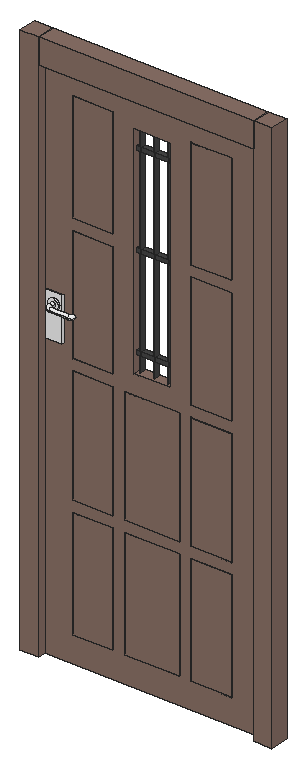
Revit family "DTI_A3-BSQTZMSOHS", category Doors, host Wall, Revit 2016 (continued)
Lines and regions (mm)
  model lines, style "Embossed carving"
    curve 414: arc (243.926, 35, 484.936) -> (248.23, 35, 476.02) -> (250.664, 35, 466.423) r 49.267
    curve 415: arc (250.664, 35, 466.423) -> (248.905, 35, 456.202) -> (241.415, 35, 449.028) r 16.574
    curve 416: arc (241.415, 35, 449.028) -> (248.905, 35, 441.853) -> (250.664, 35, 431.632) r 16.574
    curve 417: arc (250.664, 35, 431.632) -> (248.23, 35, 422.035) -> (243.926, 35, 413.119) r 49.267
    curve 418: arc (243.926, 35, 413.119) -> (246.972, 35, 412.324) -> (248.48, 35, 409.561) r 3.966
    curve 419: arc (248.48, 35, 409.561) -> (246.158, 35, 407.305) -> (243.076, 35, 406.314) r 7.098
    curve 420: arc (243.076, 35, 406.314) -> (245.379, 35, 404.531) -> (247.162, 35, 402.227) r 11.531
    curve 421: arc (247.162, 35, 402.227) -> (240.332, 35, 404.413) -> (233.503, 35, 402.227) r 11.764
    curve 422: arc (233.503, 35, 402.227) -> (230.981, 35, 405.348) -> (227.19, 35, 404.038) r 3.491
    curve 423: arc (227.19, 35, 404.038) -> (227.874, 35, 402.733) -> (227.934, 35, 401.26) r 3.36
    curve 424: arc (227.934, 35, 401.26) -> (225.529, 35, 400.959) -> (224.066, 35, 399.028) r 3.118
    curve 425: arc (224.066, 35, 399.028) -> (223.704, 35, 400.121) -> (223.027, 35, 401.053) r 3.748
    curve 426: arc (223.027, 35, 497.002) -> (222.349, 35, 497.934) -> (221.987, 35, 499.028) r 3.748
    curve 427: arc (221.987, 35, 499.028) -> (220.524, 35, 497.096) -> (218.12, 35, 496.795) r 3.118
    curve 428: arc (218.12, 35, 496.795) -> (218.18, 35, 495.323) -> (218.864, 35, 494.018) r 3.36
    curve 429: arc (218.864, 35, 494.018) -> (215.072, 35, 492.707) -> (212.551, 35, 495.828) r 3.491
    curve 430: arc (212.551, 35, 495.828) -> (205.721, 35, 493.642) -> (198.891, 35, 495.828) r 11.764
    curve 431: arc (198.891, 35, 495.828) -> (200.674, 35, 493.524) -> (202.978, 35, 491.741) r 11.531
    curve 432: arc (202.978, 35, 491.741) -> (199.895, 35, 490.751) -> (197.574, 35, 488.494) r 7.098
    curve 433: arc (197.574, 35, 488.494) -> (199.082, 35, 485.731) -> (202.128, 35, 484.936) r 3.966
    curve 434: arc (202.128, 35, 484.936) -> (197.824, 35, 476.02) -> (195.389, 35, 466.423) r 49.267
    curve 435: arc (195.389, 35, 466.423) -> (197.149, 35, 456.202) -> (204.639, 35, 449.028) r 16.574
    curve 436: arc (204.639, 35, 449.028) -> (197.149, 35, 441.853) -> (195.389, 35, 431.632) r 16.574
    curve 437: arc (195.389, 35, 431.632) -> (197.824, 35, 422.035) -> (202.128, 35, 413.119) r 49.267
    curve 438: arc (202.128, 35, 413.119) -> (199.082, 35, 412.324) -> (197.574, 35, 409.561) r 3.966
    curve 439: arc (197.574, 35, 409.561) -> (199.895, 35, 407.305) -> (202.978, 35, 406.314) r 7.098
    curve 440: arc (202.978, 35, 406.314) -> (200.674, 35, 404.531) -> (198.891, 35, 402.227) r 11.531
    curve 441: arc (198.891, 35, 402.227) -> (205.721, 35, 404.413) -> (212.551, 35, 402.227) r 11.764
    curve 442: arc (212.551, 35, 402.227) -> (215.072, 35, 405.348) -> (218.864, 35, 404.038) r 3.491
    curve 443: arc (218.864, 35, 404.038) -> (218.18, 35, 402.733) -> (218.12, 35, 401.26) r 3.36
    curve 444: arc (218.12, 35, 401.26) -> (220.524, 35, 400.959) -> (221.987, 35, 399.028) r 3.118
    curve 445: arc (221.987, 35, 399.028) -> (222.349, 35, 400.121) -> (223.027, 35, 401.053) r 3.748
    curve 446: arc (223.027, 35, 357.002) -> (223.704, 35, 357.934) -> (224.066, 35, 359.028) r 3.748
    curve 447: arc (224.066, 35, 359.028) -> (225.529, 35, 357.096) -> (227.934, 35, 356.795) r 3.118
    curve 448: arc (227.934, 35, 356.795) -> (227.874, 35, 355.323) -> (227.19, 35, 354.018) r 3.36
    curve 449: arc (227.19, 35, 354.018) -> (230.981, 35, 352.707) -> (233.503, 35, 355.828) r 3.491
    curve 450: arc (233.503, 35, 355.828) -> (240.332, 35, 353.642) -> (247.162, 35, 355.828) r 11.764
    curve 451: arc (247.162, 35, 355.828) -> (245.379, 35, 353.524) -> (243.076, 35, 351.741) r 11.531
    curve 452: arc (243.076, 35, 351.741) -> (246.158, 35, 350.751) -> (248.48, 35, 348.494) r 7.098
    curve 453: arc (248.48, 35, 348.494) -> (246.972, 35, 345.731) -> (243.926, 35, 344.936) r 3.966
    curve 454: arc (243.926, 35, 344.936) -> (248.23, 35, 336.02) -> (250.664, 35, 326.423) r 49.267
    curve 455: arc (250.664, 35, 326.423) -> (248.905, 35, 316.202) -> (241.415, 35, 309.028) r 16.574
    curve 456: arc (241.415, 35, 309.028) -> (248.905, 35, 301.853) -> (250.664, 35, 291.632) r 16.574
    curve 457: arc (250.664, 35, 291.632) -> (248.23, 35, 282.035) -> (243.926, 35, 273.119) r 49.267
    curve 458: arc (243.926, 35, 273.119) -> (246.972, 35, 272.324) -> (248.48, 35, 269.561) r 3.966
    curve 459: arc (248.48, 35, 269.561) -> (246.158, 35, 267.305) -> (243.076, 35, 266.314) r 7.098
    curve 460: arc (243.076, 35, 266.314) -> (245.379, 35, 264.531) -> (247.162, 35, 262.227) r 11.531
    curve 461: arc (247.162, 35, 262.227) -> (240.332, 35, 264.413) -> (233.503, 35, 262.227) r 11.764
    curve 462: arc (233.503, 35, 262.227) -> (230.981, 35, 265.348) -> (227.19, 35, 264.038) r 3.491
    curve 463: arc (227.19, 35, 264.038) -> (227.874, 35, 262.733) -> (227.934, 35, 261.26) r 3.36
    curve 464: arc (227.934, 35, 261.26) -> (225.529, 35, 260.959) -> (224.066, 35, 259.028) r 3.118
    curve 465: arc (224.066, 35, 259.028) -> (223.704, 35, 260.121) -> (223.027, 35, 261.053) r 3.748
    curve 466: arc (223.027, 35, 357.002) -> (222.349, 35, 357.934) -> (221.987, 35, 359.028) r 3.748
    curve 467: arc (221.987, 35, 359.028) -> (220.524, 35, 357.096) -> (218.12, 35, 356.795) r 3.118
    curve 468: arc (218.12, 35, 356.795) -> (218.18, 35, 355.323) -> (218.864, 35, 354.018) r 3.36
    curve 469: arc (218.864, 35, 354.018) -> (215.072, 35, 352.707) -> (212.551, 35, 355.828) r 3.491
    curve 470: arc (212.551, 35, 355.828) -> (205.721, 35, 353.642) -> (198.891, 35, 355.828) r 11.764
    curve 471: arc (198.891, 35, 355.828) -> (200.674, 35, 353.524) -> (202.978, 35, 351.741) r 11.531
    curve 472: arc (202.978, 35, 351.741) -> (199.895, 35, 350.751) -> (197.574, 35, 348.494) r 7.098
    curve 473: arc (197.574, 35, 348.494) -> (199.082, 35, 345.731) -> (202.128, 35, 344.936) r 3.966
    curve 474: arc (202.128, 35, 344.936) -> (197.824, 35, 336.02) -> (195.389, 35, 326.423) r 49.267
    curve 475: arc (195.389, 35, 326.423) -> (197.149, 35, 316.202) -> (204.639, 35, 309.028) r 16.574
    curve 476: arc (204.639, 35, 309.028) -> (197.149, 35, 301.853) -> (195.389, 35, 291.632) r 16.574
    curve 477: arc (195.389, 35, 291.632) -> (197.824, 35, 282.035) -> (202.128, 35, 273.119) r 49.267
    curve 478: arc (202.128, 35, 273.119) -> (199.082, 35, 272.324) -> (197.574, 35, 269.561) r 3.966
    curve 479: arc (197.574, 35, 269.561) -> (199.895, 35, 267.305) -> (202.978, 35, 266.314) r 7.098
    curve 480: arc (202.978, 35, 266.314) -> (200.674, 35, 264.531) -> (198.891, 35, 262.227) r 11.531
    curve 481: arc (198.891, 35, 262.227) -> (205.721, 35, 264.413) -> (212.551, 35, 262.227) r 11.764
    curve 482: arc (212.551, 35, 262.227) -> (215.072, 35, 265.348) -> (218.864, 35, 264.038) r 3.491
    curve 483: arc (218.864, 35, 264.038) -> (218.18, 35, 262.733) -> (218.12, 35, 261.26) r 3.36
    curve 484: arc (218.12, 35, 261.26) -> (220.524, 35, 260.959) -> (221.987, 35, 259.028) r 3.118
    curve 485: arc (221.987, 35, 259.028) -> (222.349, 35, 260.121) -> (223.027, 35, 261.053) r 3.748
    curve 486: arc (223.027, 35, 212.002) -> (223.704, 35, 212.934) -> (224.066, 35, 214.028) r 3.748
    curve 487: arc (224.066, 35, 214.028) -> (225.529, 35, 212.096) -> (227.934, 35, 211.795) r 3.118
    curve 488: arc (227.934, 35, 211.795) -> (227.874, 35, 210.323) -> (227.19, 35, 209.018) r 3.36
    curve 489: arc (227.19, 35, 209.018) -> (230.981, 35, 207.707) -> (233.503, 35, 210.828) r 3.491
    curve 490: arc (233.503, 35, 210.828) -> (240.332, 35, 208.642) -> (247.162, 35, 210.828) r 11.764
    curve 491: arc (247.162, 35, 210.828) -> (245.379, 35, 208.524) -> (243.076, 35, 206.741) r 11.531
    curve 492: arc (243.076, 35, 206.741) -> (246.158, 35, 205.751) -> (248.48, 35, 203.494) r 7.098
    curve 493: arc (248.48, 35, 203.494) -> (246.972, 35, 200.731) -> (243.926, 35, 199.936) r 3.966
    curve 494: arc (243.926, 35, 199.936) -> (248.23, 35, 191.02) -> (250.664, 35, 181.423) r 49.267
    curve 495: arc (250.664, 35, 181.423) -> (248.905, 35, 171.202) -> (241.415, 35, 164.028) r 16.574
    curve 496: arc (241.415, 35, 164.028) -> (248.905, 35, 156.853) -> (250.664, 35, 146.632) r 16.574
    curve 497: arc (250.664, 35, 146.632) -> (248.23, 35, 137.035) -> (243.926, 35, 128.119) r 49.267
    curve 498: arc (243.926, 35, 128.119) -> (246.972, 35, 127.324) -> (248.48, 35, 124.561) r 3.966
    curve 499: arc (248.48, 35, 124.561) -> (246.158, 35, 122.305) -> (243.076, 35, 121.314) r 7.098
    curve 500: arc (243.076, 35, 121.314) -> (245.379, 35, 119.531) -> (247.162, 35, 117.227) r 11.531
    curve 501: arc (247.162, 35, 117.227) -> (240.332, 35, 119.413) -> (233.503, 35, 117.227) r 11.764
    curve 502: arc (233.503, 35, 117.227) -> (230.981, 35, 120.348) -> (227.19, 35, 119.038) r 3.491
    curve 503: arc (227.19, 35, 119.038) -> (227.874, 35, 117.733) -> (227.934, 35, 116.26) r 3.36
    curve 504: arc (227.934, 35, 116.26) -> (225.529, 35, 115.959) -> (224.066, 35, 114.028) r 3.118
    curve 505: arc (224.066, 35, 114.028) -> (223.704, 35, 115.121) -> (223.027, 35, 116.053) r 3.748
    curve 506: arc (223.027, 35, 212.002) -> (222.349, 35, 212.934) -> (221.987, 35, 214.028) r 3.748
    curve 507: arc (221.987, 35, 214.028) -> (220.524, 35, 212.096) -> (218.12, 35, 211.795) r 3.118
    curve 508: arc (218.12, 35, 211.795) -> (218.18, 35, 210.323) -> (218.864, 35, 209.018) r 3.36
    curve 509: arc (218.864, 35, 209.018) -> (215.072, 35, 207.707) -> (212.551, 35, 210.828) r 3.491
    curve 510: arc (212.551, 35, 210.828) -> (205.721, 35, 208.642) -> (198.891, 35, 210.828) r 11.764
    curve 511: arc (198.891, 35, 210.828) -> (200.674, 35, 208.524) -> (202.978, 35, 206.741) r 11.531
    curve 512: arc (202.978, 35, 206.741) -> (199.895, 35, 205.751) -> (197.574, 35, 203.494) r 7.098
    curve 513: arc (197.574, 35, 203.494) -> (199.082, 35, 200.731) -> (202.128, 35, 199.936) r 3.966
    curve 514: arc (202.128, 35, 199.936) -> (197.824, 35, 191.02) -> (195.389, 35, 181.423) r 49.267
    curve 515: arc (195.389, 35, 181.423) -> (197.149, 35, 171.202) -> (204.639, 35, 164.028) r 16.574
    curve 516: arc (204.639, 35, 164.028) -> (197.149, 35, 156.853) -> (195.389, 35, 146.632) r 16.574
    curve 517: arc (195.389, 35, 146.632) -> (197.824, 35, 137.035) -> (202.128, 35, 128.119) r 49.267
    curve 518: arc (202.128, 35, 128.119) -> (199.082, 35, 127.324) -> (197.574, 35, 124.561) r 3.966
    curve 519: arc (197.574, 35, 124.561) -> (199.895, 35, 122.305) -> (202.978, 35, 121.314) r 7.098
    curve 520: arc (202.978, 35, 121.314) -> (200.674, 35, 119.531) -> (198.891, 35, 117.227) r 11.531
    curve 521: arc (198.891, 35, 117.227) -> (205.721, 35, 119.413) -> (212.551, 35, 117.227) r 11.764
    curve 522: arc (212.551, 35, 117.227) -> (215.072, 35, 120.348) -> (218.864, 35, 119.038) r 3.491
    curve 523: arc (218.864, 35, 119.038) -> (218.18, 35, 117.733) -> (218.12, 35, 116.26) r 3.36
    curve 524: arc (218.12, 35, 116.26) -> (220.524, 35, 115.959) -> (221.987, 35, 114.028) r 3.118
    curve 525: arc (221.987, 35, 114.028) -> (222.349, 35, 115.121) -> (223.027, 35, 116.053) r 3.748
    curve 526: arc (-226.973, 35, 497.002) -> (-226.296, 35, 497.934) -> (-225.934, 35, 499.028) r 3.748
    curve 527: arc (-225.934, 35, 499.028) -> (-224.471, 35, 497.096) -> (-222.066, 35, 496.795) r 3.118
    curve 528: arc (-222.066, 35, 496.795) -> (-222.126, 35, 495.323) -> (-222.81, 35, 494.018) r 3.36
    curve 529: arc (-222.81, 35, 494.018) -> (-219.019, 35, 492.707) -> (-216.497, 35, 495.828) r 3.491
    curve 530: arc (-216.497, 35, 495.828) -> (-209.668, 35, 493.642) -> (-202.838, 35, 495.828) r 11.764
    curve 531: arc (-202.838, 35, 495.828) -> (-204.621, 35, 493.524) -> (-206.924, 35, 491.741) r 11.531
    curve 532: arc (-206.924, 35, 491.741) -> (-203.842, 35, 490.751) -> (-201.52, 35, 488.494) r 7.098
    curve 533: arc (-201.52, 35, 488.494) -> (-203.028, 35, 485.731) -> (-206.074, 35, 484.936) r 3.966
    curve 534: arc (-206.074, 35, 484.936) -> (-201.77, 35, 476.02) -> (-199.336, 35, 466.423) r 49.267
    curve 535: arc (-199.336, 35, 466.423) -> (-201.095, 35, 456.202) -> (-208.585, 35, 449.028) r 16.574
    curve 536: arc (-208.585, 35, 449.028) -> (-201.095, 35, 441.853) -> (-199.336, 35, 431.632) r 16.574
    curve 537: arc (-199.336, 35, 431.632) -> (-201.77, 35, 422.035) -> (-206.074, 35, 413.119) r 49.267
    curve 538: arc (-206.074, 35, 413.119) -> (-203.028, 35, 412.324) -> (-201.52, 35, 409.561) r 3.966
    curve 539: arc (-201.52, 35, 409.561) -> (-203.842, 35, 407.305) -> (-206.924, 35, 406.314) r 7.098
    curve 540: arc (-206.924, 35, 406.314) -> (-204.621, 35, 404.531) -> (-202.838, 35, 402.227) r 11.531
    curve 541: arc (-202.838, 35, 402.227) -> (-209.668, 35, 404.413) -> (-216.497, 35, 402.227) r 11.764
    curve 542: arc (-216.497, 35, 402.227) -> (-219.019, 35, 405.348) -> (-222.81, 35, 404.038) r 3.491
    curve 543: arc (-222.81, 35, 404.038) -> (-222.126, 35, 402.733) -> (-222.066, 35, 401.26) r 3.36
    curve 544: arc (-222.066, 35, 401.26) -> (-224.471, 35, 400.959) -> (-225.934, 35, 399.028) r 3.118
    curve 545: arc (-225.934, 35, 399.028) -> (-226.296, 35, 400.121) -> (-226.973, 35, 401.053) r 3.748
    curve 546: arc (-226.973, 35, 497.002) -> (-227.651, 35, 497.934) -> (-228.013, 35, 499.028) r 3.748
    curve 547: arc (-228.013, 35, 499.028) -> (-229.476, 35, 497.096) -> (-231.88, 35, 496.795) r 3.118
    curve 548: arc (-231.88, 35, 496.795) -> (-231.82, 35, 495.323) -> (-231.136, 35, 494.018) r 3.36
    curve 549: arc (-231.136, 35, 494.018) -> (-234.928, 35, 492.707) -> (-237.449, 35, 495.828) r 3.491
    curve 550: arc (-237.449, 35, 495.828) -> (-244.279, 35, 493.642) -> (-251.109, 35, 495.828) r 11.764
    curve 551: arc (-251.109, 35, 495.828) -> (-249.326, 35, 493.524) -> (-247.022, 35, 491.741) r 11.531
    curve 552: arc (-247.022, 35, 491.741) -> (-250.105, 35, 490.751) -> (-252.426, 35, 488.494) r 7.098
    curve 553: arc (-252.426, 35, 488.494) -> (-250.918, 35, 485.731) -> (-247.872, 35, 484.936) r 3.966
    curve 554: arc (-247.872, 35, 484.936) -> (-252.176, 35, 476.02) -> (-254.611, 35, 466.423) r 49.267
    curve 555: arc (-254.611, 35, 466.423) -> (-252.851, 35, 456.202) -> (-245.361, 35, 449.028) r 16.574
    curve 556: arc (-245.361, 35, 449.028) -> (-252.851, 35, 441.853) -> (-254.611, 35, 431.632) r 16.574
    curve 557: arc (-254.611, 35, 431.632) -> (-252.176, 35, 422.035) -> (-247.872, 35, 413.119) r 49.267
    curve 558: arc (-247.872, 35, 413.119) -> (-250.918, 35, 412.324) -> (-252.426, 35, 409.561) r 3.966
    curve 559: arc (-252.426, 35, 409.561) -> (-250.105, 35, 407.305) -> (-247.022, 35, 406.314) r 7.098
    curve 560: arc (-247.022, 35, 406.314) -> (-249.326, 35, 404.531) -> (-251.109, 35, 402.227) r 11.531
    curve 561: arc (-251.109, 35, 402.227) -> (-244.279, 35, 404.413) -> (-237.449, 35, 402.227) r 11.764
    curve 562: arc (-237.449, 35, 402.227) -> (-234.928, 35, 405.348) -> (-231.136, 35, 404.038) r 3.491
    curve 563: arc (-231.136, 35, 404.038) -> (-231.82, 35, 402.733) -> (-231.88, 35, 401.26) r 3.36
    curve 564: arc (-231.88, 35, 401.26) -> (-229.476, 35, 400.959) -> (-228.013, 35, 399.028) r 3.118
    curve 565: arc (-228.013, 35, 399.028) -> (-227.651, 35, 400.121) -> (-226.973, 35, 401.053) r 3.748
    curve 566: arc (-226.973, 35, 357.002) -> (-226.296, 35, 357.934) -> (-225.934, 35, 359.028) r 3.748
    curve 567: arc (-225.934, 35, 359.028) -> (-224.471, 35, 357.096) -> (-222.066, 35, 356.795) r 3.118
    curve 568: arc (-222.066, 35, 356.795) -> (-222.126, 35, 355.323) -> (-222.81, 35, 354.018) r 3.36
    curve 569: arc (-222.81, 35, 354.018) -> (-219.019, 35, 352.707) -> (-216.497, 35, 355.828) r 3.491
    curve 570: arc (-216.497, 35, 355.828) -> (-209.668, 35, 353.642) -> (-202.838, 35, 355.828) r 11.764
    curve 571: arc (-202.838, 35, 355.828) -> (-204.621, 35, 353.524) -> (-206.924, 35, 351.741) r 11.531
    curve 572: arc (-206.924, 35, 351.741) -> (-203.842, 35, 350.751) -> (-201.52, 35, 348.494) r 7.098
    curve 573: arc (-201.52, 35, 348.494) -> (-203.028, 35, 345.731) -> (-206.074, 35, 344.936) r 3.966
    curve 574: arc (-206.074, 35, 344.936) -> (-201.77, 35, 336.02) -> (-199.336, 35, 326.423) r 49.267
    curve 575: arc (-199.336, 35, 326.423) -> (-201.095, 35, 316.202) -> (-208.585, 35, 309.028) r 16.574
    curve 576: arc (-208.585, 35, 309.028) -> (-201.095, 35, 301.853) -> (-199.336, 35, 291.632) r 16.574
    curve 577: arc (-199.336, 35, 291.632) -> (-201.77, 35, 282.035) -> (-206.074, 35, 273.119) r 49.267
    curve 578: arc (-206.074, 35, 273.119) -> (-203.028, 35, 272.324) -> (-201.52, 35, 269.561) r 3.966
    curve 579: arc (-201.52, 35, 269.561) -> (-203.842, 35, 267.305) -> (-206.924, 35, 266.314) r 7.098
    curve 580: arc (-206.924, 35, 266.314) -> (-204.621, 35, 264.531) -> (-202.838, 35, 262.227) r 11.531
    curve 581: arc (-202.838, 35, 262.227) -> (-209.668, 35, 264.413) -> (-216.497, 35, 262.227) r 11.764
    curve 582: arc (-216.497, 35, 262.227) -> (-219.019, 35, 265.348) -> (-222.81, 35, 264.038) r 3.491
    curve 583: arc (-222.81, 35, 264.038) -> (-222.126, 35, 262.733) -> (-222.066, 35, 261.26) r 3.36
    curve 584: arc (-222.066, 35, 261.26) -> (-224.471, 35, 260.959) -> (-225.934, 35, 259.028) r 3.118
    curve 585: arc (-225.934, 35, 259.028) -> (-226.296, 35, 260.121) -> (-226.973, 35, 261.053) r 3.748
    curve 586: arc (-226.973, 35, 357.002) -> (-227.651, 35, 357.934) -> (-228.013, 35, 359.028) r 3.748
    curve 587: arc (-228.013, 35, 359.028) -> (-229.476, 35, 357.096) -> (-231.88, 35, 356.795) r 3.118
    curve 588: arc (-231.88, 35, 356.795) -> (-231.82, 35, 355.323) -> (-231.136, 35, 354.018) r 3.36
    curve 589: arc (-231.136, 35, 354.018) -> (-234.928, 35, 352.707) -> (-237.449, 35, 355.828) r 3.491
    curve 590: arc (-237.449, 35, 355.828) -> (-244.279, 35, 353.642) -> (-251.109, 35, 355.828) r 11.764
    curve 591: arc (-251.109, 35, 355.828) -> (-249.326, 35, 353.524) -> (-247.022, 35, 351.741) r 11.531
    curve 592: arc (-247.022, 35, 351.741) -> (-250.105, 35, 350.751) -> (-252.426, 35, 348.494) r 7.098
    curve 593: arc (-252.426, 35, 348.494) -> (-250.918, 35, 345.731) -> (-247.872, 35, 344.936) r 3.966
    curve 594: arc (-247.872, 35, 344.936) -> (-252.176, 35, 336.02) -> (-254.611, 35, 326.423) r 49.267
    curve 595: arc (-254.611, 35, 326.423) -> (-252.851, 35, 316.202) -> (-245.361, 35, 309.028) r 16.574
    curve 596: arc (-245.361, 35, 309.028) -> (-252.851, 35, 301.853) -> (-254.611, 35, 291.632) r 16.574
    curve 597: arc (-254.611, 35, 291.632) -> (-252.176, 35, 282.035) -> (-247.872, 35, 273.119) r 49.267
    curve 598: arc (-247.872, 35, 273.119) -> (-250.918, 35, 272.324) -> (-252.426, 35, 269.561) r 3.966
    curve 599: arc (-252.426, 35, 269.561) -> (-250.105, 35, 267.305) -> (-247.022, 35, 266.314) r 7.098
    curve 600: arc (-247.022, 35, 266.314) -> (-249.326, 35, 264.531) -> (-251.109, 35, 262.227) r 11.531
    curve 601: arc (-251.109, 35, 262.227) -> (-244.279, 35, 264.413) -> (-237.449, 35, 262.227) r 11.764
    curve 602: arc (-237.449, 35, 262.227) -> (-234.928, 35, 265.348) -> (-231.136, 35, 264.038) r 3.491
    curve 603: arc (-231.136, 35, 264.038) -> (-231.82, 35, 262.733) -> (-231.88, 35, 261.26) r 3.36
    curve 604: arc (-231.88, 35, 261.26) -> (-229.476, 35, 260.959) -> (-228.013, 35, 259.028) r 3.118
    curve 605: arc (-228.013, 35, 259.028) -> (-227.651, 35, 260.121) -> (-226.973, 35, 261.053) r 3.748
    curve 606: arc (-226.973, 35, 212.002) -> (-226.296, 35, 212.934) -> (-225.934, 35, 214.028) r 3.748
    curve 607: arc (-225.934, 35, 214.028) -> (-224.471, 35, 212.096) -> (-222.066, 35, 211.795) r 3.118
    curve 608: arc (-222.066, 35, 211.795) -> (-222.126, 35, 210.323) -> (-222.81, 35, 209.018) r 3.36
    curve 609: arc (-222.81, 35, 209.018) -> (-219.019, 35, 207.707) -> (-216.497, 35, 210.828) r 3.491
    curve 610: arc (-216.497, 35, 210.828) -> (-209.668, 35, 208.642) -> (-202.838, 35, 210.828) r 11.764
    curve 611: arc (-202.838, 35, 210.828) -> (-204.621, 35, 208.524) -> (-206.924, 35, 206.741) r 11.531
    curve 612: arc (-206.924, 35, 206.741) -> (-203.842, 35, 205.751) -> (-201.52, 35, 203.494) r 7.098
    curve 613: arc (-201.52, 35, 203.494) -> (-203.028, 35, 200.731) -> (-206.074, 35, 199.936) r 3.966
    curve 614: arc (-206.074, 35, 199.936) -> (-201.77, 35, 191.02) -> (-199.336, 35, 181.423) r 49.267
    curve 615: arc (-199.336, 35, 181.423) -> (-201.095, 35, 171.202) -> (-208.585, 35, 164.028) r 16.574
    curve 616: arc (-208.585, 35, 164.028) -> (-201.095, 35, 156.853) -> (-199.336, 35, 146.632) r 16.574
    curve 617: arc (-199.336, 35, 146.632) -> (-201.77, 35, 137.035) -> (-206.074, 35, 128.119) r 49.267
    curve 618: arc (-206.074, 35, 128.119) -> (-203.028, 35, 127.324) -> (-201.52, 35, 124.561) r 3.966
    curve 619: arc (-201.52, 35, 124.561) -> (-203.842, 35, 122.305) -> (-206.924, 35, 121.314) r 7.098
    curve 620: arc (-206.924, 35, 121.314) -> (-204.621, 35, 119.531) -> (-202.838, 35, 117.227) r 11.531
    curve 621: arc (-202.838, 35, 117.227) -> (-209.668, 35, 119.413) -> (-216.497, 35, 117.227) r 11.764
    curve 622: arc (-216.497, 35, 117.227) -> (-219.019, 35, 120.348) -> (-222.81, 35, 119.038) r 3.491
    curve 623: arc (-222.81, 35, 119.038) -> (-222.126, 35, 117.733) -> (-222.066, 35, 116.26) r 3.36
    curve 624: arc (-222.066, 35, 116.26) -> (-224.471, 35, 115.959) -> (-225.934, 35, 114.028) r 3.118
    curve 625: arc (-225.934, 35, 114.028) -> (-226.296, 35, 115.121) -> (-226.973, 35, 116.053) r 3.748
    curve 626: arc (-226.973, 35, 212.002) -> (-227.651, 35, 212.934) -> (-228.013, 35, 214.028) r 3.748
    curve 627: arc (-228.013, 35, 214.028) -> (-229.476, 35, 212.096) -> (-231.88, 35, 211.795) r 3.118
    curve 628: arc (-231.88, 35, 211.795) -> (-231.82, 35, 210.323) -> (-231.136, 35, 209.018) r 3.36
    curve 629: arc (-231.136, 35, 209.018) -> (-234.928, 35, 207.707) -> (-237.449, 35, 210.828) r 3.491
    curve 630: arc (-237.449, 35, 210.828) -> (-244.279, 35, 208.642) -> (-251.109, 35, 210.828) r 11.764
    curve 631: arc (-251.109, 35, 210.828) -> (-249.326, 35, 208.524) -> (-247.022, 35, 206.741) r 11.531
    curve 632: arc (-247.022, 35, 206.741) -> (-250.105, 35, 205.751) -> (-252.426, 35, 203.494) r 7.098
    curve 633: arc (-252.426, 35, 203.494) -> (-250.918, 35, 200.731) -> (-247.872, 35, 199.936) r 3.966
    curve 634: arc (-247.872, 35, 199.936) -> (-252.176, 35, 191.02) -> (-254.611, 35, 181.423) r 49.267
    curve 635: arc (-254.611, 35, 181.423) -> (-252.851, 35, 171.202) -> (-245.361, 35, 164.028) r 16.574
    curve 636: arc (-245.361, 35, 164.028) -> (-252.851, 35, 156.853) -> (-254.611, 35, 146.632) r 16.574
    curve 637: arc (-254.611, 35, 146.632) -> (-252.176, 35, 137.035) -> (-247.872, 35, 128.119) r 49.267
    curve 638: arc (-247.872, 35, 128.119) -> (-250.918, 35, 127.324) -> (-252.426, 35, 124.561) r 3.966
    curve 639: arc (-252.426, 35, 124.561) -> (-250.105, 35, 122.305) -> (-247.022, 35, 121.314) r 7.098
    curve 640: arc (-247.022, 35, 121.314) -> (-249.326, 35, 119.531) -> (-251.109, 35, 117.227) r 11.531
    curve 641: arc (-251.109, 35, 117.227) -> (-244.279, 35, 119.413) -> (-237.449, 35, 117.227) r 11.764
    curve 642: arc (-237.449, 35, 117.227) -> (-234.928, 35, 120.348) -> (-231.136, 35, 119.038) r 3.491
    curve 643: arc (-231.136, 35, 119.038) -> (-231.82, 35, 117.733) -> (-231.88, 35, 116.26) r 3.36
    curve 644: arc (-231.88, 35, 116.26) -> (-229.476, 35, 115.959) -> (-228.013, 35, 114.028) r 3.118
    curve 645: arc (-228.013, 35, 114.028) -> (-227.651, 35, 115.121) -> (-226.973, 35, 116.053) r 3.748
    curve 646: arc (-226.973, 35, 967.002) -> (-226.296, 35, 967.934) -> (-225.934, 35, 969.028) r 3.748
    curve 647: arc (-225.934, 35, 969.028) -> (-224.471, 35, 967.096) -> (-222.066, 35, 966.795) r 3.118
    curve 648: arc (-222.066, 35, 966.795) -> (-222.126, 35, 965.323) -> (-222.81, 35, 964.018) r 3.36
    curve 649: arc (-222.81, 35, 964.018) -> (-219.019, 35, 962.707) -> (-216.497, 35, 965.828) r 3.491
    curve 650: arc (-216.497, 35, 965.828) -> (-209.668, 35, 963.642) -> (-202.838, 35, 965.828) r 11.764
    curve 651: arc (-202.838, 35, 965.828) -> (-204.621, 35, 963.524) -> (-206.924, 35, 961.741) r 11.531
    curve 652: arc (-206.924, 35, 961.741) -> (-203.842, 35, 960.751) -> (-201.52, 35, 958.494) r 7.098
    curve 653: arc (-201.52, 35, 958.494) -> (-203.028, 35, 955.731) -> (-206.074, 35, 954.936) r 3.966
    curve 654: arc (-206.074, 35, 954.936) -> (-201.77, 35, 946.02) -> (-199.336, 35, 936.423) r 49.267
    curve 655: arc (-199.336, 35, 936.423) -> (-201.095, 35, 926.202) -> (-208.585, 35, 919.028) r 16.574
    curve 656: arc (-208.585, 35, 919.028) -> (-201.095, 35, 911.853) -> (-199.336, 35, 901.632) r 16.574
    curve 657: arc (-199.336, 35, 901.632) -> (-201.77, 35, 892.035) -> (-206.074, 35, 883.119) r 49.267
    curve 658: arc (-206.074, 35, 883.119) -> (-203.028, 35, 882.324) -> (-201.52, 35, 879.561) r 3.966
    curve 659: arc (-201.52, 35, 879.561) -> (-203.842, 35, 877.305) -> (-206.924, 35, 876.314) r 7.098
    curve 660: arc (-206.924, 35, 876.314) -> (-204.621, 35, 874.531) -> (-202.838, 35, 872.227) r 11.531
    curve 661: arc (-202.838, 35, 872.227) -> (-209.668, 35, 874.413) -> (-216.497, 35, 872.227) r 11.764
    curve 662: arc (-216.497, 35, 872.227) -> (-219.019, 35, 875.348) -> (-222.81, 35, 874.038) r 3.491
    curve 663: arc (-222.81, 35, 874.038) -> (-222.126, 35, 872.733) -> (-222.066, 35, 871.26) r 3.36
    curve 664: arc (-222.066, 35, 871.26) -> (-224.471, 35, 870.959) -> (-225.934, 35, 869.028) r 3.118
    curve 665: arc (-225.934, 35, 869.028) -> (-226.296, 35, 870.121) -> (-226.973, 35, 871.053) r 3.748
    curve 666: arc (-226.973, 35, 967.002) -> (-227.651, 35, 967.934) -> (-228.013, 35, 969.028) r 3.748
    curve 667: arc (-228.013, 35, 969.028) -> (-229.476, 35, 967.096) -> (-231.88, 35, 966.795) r 3.118
    curve 668: arc (-231.88, 35, 966.795) -> (-231.82, 35, 965.323) -> (-231.136, 35, 964.018) r 3.36
    curve 669: arc (-231.136, 35, 964.018) -> (-234.928, 35, 962.707) -> (-237.449, 35, 965.828) r 3.491
    curve 670: arc (-237.449, 35, 965.828) -> (-244.279, 35, 963.642) -> (-251.109, 35, 965.828) r 11.764
    curve 671: arc (-251.109, 35, 965.828) -> (-249.326, 35, 963.524) -> (-247.022, 35, 961.741) r 11.531
    curve 672: arc (-247.022, 35, 961.741) -> (-250.105, 35, 960.751) -> (-252.426, 35, 958.494) r 7.098
    curve 673: arc (-252.426, 35, 958.494) -> (-250.918, 35, 955.731) -> (-247.872, 35, 954.936) r 3.966
    curve 674: arc (-247.872, 35, 954.936) -> (-252.176, 35, 946.02) -> (-254.611, 35, 936.423) r 49.267
    curve 675: arc (-254.611, 35, 936.423) -> (-252.851, 35, 926.202) -> (-245.361, 35, 919.028) r 16.574
    curve 676: arc (-245.361, 35, 919.028) -> (-252.851, 35, 911.853) -> (-254.611, 35, 901.632) r 16.574
    curve 677: arc (-254.611, 35, 901.632) -> (-252.176, 35, 892.035) -> (-247.872, 35, 883.119) r 49.267
    curve 678: arc (-247.872, 35, 883.119) -> (-250.918, 35, 882.324) -> (-252.426, 35, 879.561) r 3.966
    curve 679: arc (-252.426, 35, 879.561) -> (-250.105, 35, 877.305) -> (-247.022, 35, 876.314) r 7.098
    curve 680: arc (-247.022, 35, 876.314) -> (-249.326, 35, 874.531) -> (-251.109, 35, 872.227) r 11.531
    curve 681: arc (-251.109, 35, 872.227) -> (-244.279, 35, 874.413) -> (-237.449, 35, 872.227) r 11.764
    curve 682: arc (-237.449, 35, 872.227) -> (-234.928, 35, 875.348) -> (-231.136, 35, 874.038) r 3.491
    curve 683: arc (-231.136, 35, 874.038) -> (-231.82, 35, 872.733) -> (-231.88, 35, 871.26) r 3.36
    curve 684: arc (-231.88, 35, 871.26) -> (-229.476, 35, 870.959) -> (-228.013, 35, 869.028) r 3.118
    curve 685: arc (-228.013, 35, 869.028) -> (-227.651, 35, 870.121) -> (-226.973, 35, 871.053) r 3.748
    curve 686: arc (-226.973, 35, 827.002) -> (-226.296, 35, 827.934) -> (-225.934, 35, 829.028) r 3.748
    curve 687: arc (-225.934, 35, 829.028) -> (-224.471, 35, 827.096) -> (-222.066, 35, 826.795) r 3.118
    curve 688: arc (-222.066, 35, 826.795) -> (-222.126, 35, 825.323) -> (-222.81, 35, 824.018) r 3.36
    curve 689: arc (-222.81, 35, 824.018) -> (-219.019, 35, 822.707) -> (-216.497, 35, 825.828) r 3.491
    curve 690: arc (-216.497, 35, 825.828) -> (-209.668, 35, 823.642) -> (-202.838, 35, 825.828) r 11.764
    curve 691: arc (-202.838, 35, 825.828) -> (-204.621, 35, 823.524) -> (-206.924, 35, 821.741) r 11.531
    curve 692: arc (-206.924, 35, 821.741) -> (-203.842, 35, 820.751) -> (-201.52, 35, 818.494) r 7.098
    curve 693: arc (-201.52, 35, 818.494) -> (-203.028, 35, 815.731) -> (-206.074, 35, 814.936) r 3.966
    curve 694: arc (-206.074, 35, 814.936) -> (-201.77, 35, 806.02) -> (-199.336, 35, 796.423) r 49.267
    curve 695: arc (-199.336, 35, 796.423) -> (-201.095, 35, 786.202) -> (-208.585, 35, 779.028) r 16.574
    curve 696: arc (-208.585, 35, 779.028) -> (-201.095, 35, 771.853) -> (-199.336, 35, 761.632) r 16.574
    curve 697: arc (-199.336, 35, 761.632) -> (-201.77, 35, 752.035) -> (-206.074, 35, 743.119) r 49.267
    curve 698: arc (-206.074, 35, 743.119) -> (-203.028, 35, 742.324) -> (-201.52, 35, 739.561) r 3.966
    curve 699: arc (-201.52, 35, 739.561) -> (-203.842, 35, 737.305) -> (-206.924, 35, 736.314) r 7.098
    curve 700: arc (-206.924, 35, 736.314) -> (-204.621, 35, 734.531) -> (-202.838, 35, 732.227) r 11.531
    curve 701: arc (-202.838, 35, 732.227) -> (-209.668, 35, 734.413) -> (-216.497, 35, 732.227) r 11.764
    curve 702: arc (-216.497, 35, 732.227) -> (-219.019, 35, 735.348) -> (-222.81, 35, 734.038) r 3.491
    curve 703: arc (-222.81, 35, 734.038) -> (-222.126, 35, 732.733) -> (-222.066, 35, 731.26) r 3.36
    curve 704: arc (-222.066, 35, 731.26) -> (-224.471, 35, 730.959) -> (-225.934, 35, 729.028) r 3.118
    curve 705: arc (-225.934, 35, 729.028) -> (-226.296, 35, 730.121) -> (-226.973, 35, 731.053) r 3.748
    curve 706: arc (-226.973, 35, 827.002) -> (-227.651, 35, 827.934) -> (-228.013, 35, 829.028) r 3.748
    curve 707: arc (-228.013, 35, 829.028) -> (-229.476, 35, 827.096) -> (-231.88, 35, 826.795) r 3.118
    curve 708: arc (-231.88, 35, 826.795) -> (-231.82, 35, 825.323) -> (-231.136, 35, 824.018) r 3.36
    curve 709: arc (-231.136, 35, 824.018) -> (-234.928, 35, 822.707) -> (-237.449, 35, 825.828) r 3.491
    curve 710: arc (-237.449, 35, 825.828) -> (-244.279, 35, 823.642) -> (-251.109, 35, 825.828) r 11.764
    curve 711: arc (-251.109, 35, 825.828) -> (-249.326, 35, 823.524) -> (-247.022, 35, 821.741) r 11.531
    curve 712: arc (-247.022, 35, 821.741) -> (-250.105, 35, 820.751) -> (-252.426, 35, 818.494) r 7.098
    curve 713: arc (-252.426, 35, 818.494) -> (-250.918, 35, 815.731) -> (-247.872, 35, 814.936) r 3.966
    curve 714: arc (-247.872, 35, 814.936) -> (-252.176, 35, 806.02) -> (-254.611, 35, 796.423) r 49.267
    curve 715: arc (-254.611, 35, 796.423) -> (-252.851, 35, 786.202) -> (-245.361, 35, 779.028) r 16.574
    curve 716: arc (-245.361, 35, 779.028) -> (-252.851, 35, 771.853) -> (-254.611, 35, 761.632) r 16.574
    curve 717: arc (-254.611, 35, 761.632) -> (-252.176, 35, 752.035) -> (-247.872, 35, 743.119) r 49.267
    curve 718: arc (-247.872, 35, 743.119) -> (-250.918, 35, 742.324) -> (-252.426, 35, 739.561) r 3.966
    curve 719: arc (-252.426, 35, 739.561) -> (-250.105, 35, 737.305) -> (-247.022, 35, 736.314) r 7.098
    curve 720: arc (-247.022, 35, 736.314) -> (-249.326, 35, 734.531) -> (-251.109, 35, 732.227) r 11.531
    curve 721: arc (-251.109, 35, 732.227) -> (-244.279, 35, 734.413) -> (-237.449, 35, 732.227) r 11.764
    curve 722: arc (-237.449, 35, 732.227) -> (-234.928, 35, 735.348) -> (-231.136, 35, 734.038) r 3.491
    curve 723: arc (-231.136, 35, 734.038) -> (-231.82, 35, 732.733) -> (-231.88, 35, 731.26) r 3.36
    curve 724: arc (-231.88, 35, 731.26) -> (-229.476, 35, 730.959) -> (-228.013, 35, 729.028) r 3.118
    curve 725: arc (-228.013, 35, 729.028) -> (-227.651, 35, 730.121) -> (-226.973, 35, 731.053) r 3.748
    curve 726: arc (-226.973, 35, 682.002) -> (-226.296, 35, 682.934) -> (-225.934, 35, 684.028) r 3.748
    curve 727: arc (-225.934, 35, 684.028) -> (-224.471, 35, 682.096) -> (-222.066, 35, 681.795) r 3.118
    curve 728: arc (-222.066, 35, 681.795) -> (-222.126, 35, 680.323) -> (-222.81, 35, 679.018) r 3.36
    curve 729: arc (-222.81, 35, 679.018) -> (-219.019, 35, 677.707) -> (-216.497, 35, 680.828) r 3.491
    curve 730: arc (-216.497, 35, 680.828) -> (-209.668, 35, 678.642) -> (-202.838, 35, 680.828) r 11.764
    curve 731: arc (-202.838, 35, 680.828) -> (-204.621, 35, 678.524) -> (-206.924, 35, 676.741) r 11.531
    curve 732: arc (-206.924, 35, 676.741) -> (-203.842, 35, 675.751) -> (-201.52, 35, 673.494) r 7.098
    curve 733: arc (-201.52, 35, 673.494) -> (-203.028, 35, 670.731) -> (-206.074, 35, 669.936) r 3.966
    curve 734: arc (-206.074, 35, 669.936) -> (-201.77, 35, 661.02) -> (-199.336, 35, 651.423) r 49.267
    curve 735: arc (-199.336, 35, 651.423) -> (-201.095, 35, 641.202) -> (-208.585, 35, 634.028) r 16.574
    curve 736: arc (-208.585, 35, 634.028) -> (-201.095, 35, 626.853) -> (-199.336, 35, 616.632) r 16.574
    curve 737: arc (-199.336, 35, 616.632) -> (-201.77, 35, 607.035) -> (-206.074, 35, 598.119) r 49.267
    curve 738: arc (-206.074, 35, 598.119) -> (-203.028, 35, 597.324) -> (-201.52, 35, 594.561) r 3.966
    curve 739: arc (-201.52, 35, 594.561) -> (-203.842, 35, 592.305) -> (-206.924, 35, 591.314) r 7.098
    curve 740: arc (-206.924, 35, 591.314) -> (-204.621, 35, 589.531) -> (-202.838, 35, 587.227) r 11.531
    curve 741: arc (-202.838, 35, 587.227) -> (-209.668, 35, 589.413) -> (-216.497, 35, 587.227) r 11.764
    curve 742: arc (-216.497, 35, 587.227) -> (-219.019, 35, 590.348) -> (-222.81, 35, 589.038) r 3.491
    curve 743: arc (-222.81, 35, 589.038) -> (-222.126, 35, 587.733) -> (-222.066, 35, 586.26) r 3.36
    curve 744: arc (-222.066, 35, 586.26) -> (-224.471, 35, 585.959) -> (-225.934, 35, 584.028) r 3.118
    curve 745: arc (-225.934, 35, 584.028) -> (-226.296, 35, 585.121) -> (-226.973, 35, 586.053) r 3.748
    curve 746: arc (-226.973, 35, 682.002) -> (-227.651, 35, 682.934) -> (-228.013, 35, 684.028) r 3.748
    curve 747: arc (-228.013, 35, 684.028) -> (-229.476, 35, 682.096) -> (-231.88, 35, 681.795) r 3.118
    curve 748: arc (-231.88, 35, 681.795) -> (-231.82, 35, 680.323) -> (-231.136, 35, 679.018) r 3.36
    curve 749: arc (-231.136, 35, 679.018) -> (-234.928, 35, 677.707) -> (-237.449, 35, 680.828) r 3.491
    curve 750: arc (-237.449, 35, 680.828) -> (-244.279, 35, 678.642) -> (-251.109, 35, 680.828) r 11.764
    curve 751: arc (-251.109, 35, 680.828) -> (-249.326, 35, 678.524) -> (-247.022, 35, 676.741) r 11.531
    curve 752: arc (-247.022, 35, 676.741) -> (-250.105, 35, 675.751) -> (-252.426, 35, 673.494) r 7.098
    curve 753: arc (-252.426, 35, 673.494) -> (-250.918, 35, 670.731) -> (-247.872, 35, 669.936) r 3.966
    curve 754: arc (-247.872, 35, 669.936) -> (-252.176, 35, 661.02) -> (-254.611, 35, 651.423) r 49.267
    curve 755: arc (-254.611, 35, 651.423) -> (-252.851, 35, 641.202) -> (-245.361, 35, 634.028) r 16.574
    curve 756: arc (-245.361, 35, 634.028) -> (-252.851, 35, 626.853) -> (-254.611, 35, 616.632) r 16.574
    curve 757: arc (-254.611, 35, 616.632) -> (-252.176, 35, 607.035) -> (-247.872, 35, 598.119) r 49.267
    curve 758: arc (-247.872, 35, 598.119) -> (-250.918, 35, 597.324) -> (-252.426, 35, 594.561) r 3.966
    curve 759: arc (-252.426, 35, 594.561) -> (-250.105, 35, 592.305) -> (-247.022, 35, 591.314) r 7.098
    curve 760: arc (-247.022, 35, 591.314) -> (-249.326, 35, 589.531) -> (-251.109, 35, 587.227) r 11.531
    curve 761: arc (-251.109, 35, 587.227) -> (-244.279, 35, 589.413) -> (-237.449, 35, 587.227) r 11.764
    curve 762: arc (-237.449, 35, 587.227) -> (-234.928, 35, 590.348) -> (-231.136, 35, 589.038) r 3.491
    curve 763: arc (-231.136, 35, 589.038) -> (-231.82, 35, 587.733) -> (-231.88, 35, 586.26) r 3.36
    curve 764: arc (-231.88, 35, 586.26) -> (-229.476, 35, 585.959) -> (-228.013, 35, 584.028) r 3.118
    curve 765: arc (-228.013, 35, 584.028) -> (-227.651, 35, 585.121) -> (-226.973, 35, 586.053) r 3.748
    curve 766: arc (-226.973, 35, 1442.002) -> (-226.296, 35, 1442.934) -> (-225.934, 35, 1444.028) r 3.748
    curve 767: arc (-225.934, 35, 1444.028) -> (-224.471, 35, 1442.096) -> (-222.066, 35, 1441.795) r 3.118
    curve 768: arc (-222.066, 35, 1441.795) -> (-222.126, 35, 1440.323) -> (-222.81, 35, 1439.018) r 3.36
    curve 769: arc (-222.81, 35, 1439.018) -> (-219.019, 35, 1437.707) -> (-216.497, 35, 1440.828) r 3.491
    curve 770: arc (-216.497, 35, 1440.828) -> (-209.668, 35, 1438.642) -> (-202.838, 35, 1440.828) r 11.764
    curve 771: arc (-202.838, 35, 1440.828) -> (-204.621, 35, 1438.524) -> (-206.924, 35, 1436.741) r 11.531
    curve 772: arc (-206.924, 35, 1436.741) -> (-203.842, 35, 1435.751) -> (-201.52, 35, 1433.494) r 7.098
    curve 773: arc (-201.52, 35, 1433.494) -> (-203.028, 35, 1430.731) -> (-206.074, 35, 1429.936) r 3.966
    curve 774: arc (-206.074, 35, 1429.936) -> (-201.77, 35, 1421.02) -> (-199.336, 35, 1411.423) r 49.267
    curve 775: arc (-199.336, 35, 1411.423) -> (-201.095, 35, 1401.202) -> (-208.585, 35, 1394.028) r 16.574
    curve 776: arc (-208.585, 35, 1394.028) -> (-201.095, 35, 1386.853) -> (-199.336, 35, 1376.632) r 16.574
    curve 777: arc (-199.336, 35, 1376.632) -> (-201.77, 35, 1367.035) -> (-206.074, 35, 1358.119) r 49.267
    curve 778: arc (-206.074, 35, 1358.119) -> (-203.028, 35, 1357.324) -> (-201.52, 35, 1354.561) r 3.966
    curve 779: arc (-201.52, 35, 1354.561) -> (-203.842, 35, 1352.305) -> (-206.924, 35, 1351.314) r 7.098
    curve 780: arc (-206.924, 35, 1351.314) -> (-204.621, 35, 1349.531) -> (-202.838, 35, 1347.227) r 11.531
    curve 781: arc (-202.838, 35, 1347.227) -> (-209.668, 35, 1349.413) -> (-216.497, 35, 1347.227) r 11.764
    curve 782: arc (-216.497, 35, 1347.227) -> (-219.019, 35, 1350.348) -> (-222.81, 35, 1349.038) r 3.491
    curve 783: arc (-222.81, 35, 1349.038) -> (-222.126, 35, 1347.733) -> (-222.066, 35, 1346.26) r 3.36
    curve 784: arc (-222.066, 35, 1346.26) -> (-224.471, 35, 1345.959) -> (-225.934, 35, 1344.028) r 3.118
    curve 785: arc (-225.934, 35, 1344.028) -> (-226.296, 35, 1345.121) -> (-226.973, 35, 1346.053) r 3.748
    curve 786: arc (-226.973, 35, 1442.002) -> (-227.651, 35, 1442.934) -> (-228.013, 35, 1444.028) r 3.748
    curve 787: arc (-228.013, 35, 1444.028) -> (-229.476, 35, 1442.096) -> (-231.88, 35, 1441.795) r 3.118
    curve 788: arc (-231.88, 35, 1441.795) -> (-231.82, 35, 1440.323) -> (-231.136, 35, 1439.018) r 3.36
    curve 789: arc (-231.136, 35, 1439.018) -> (-234.928, 35, 1437.707) -> (-237.449, 35, 1440.828) r 3.491
    curve 790: arc (-237.449, 35, 1440.828) -> (-244.279, 35, 1438.642) -> (-251.109, 35, 1440.828) r 11.764
    curve 791: arc (-251.109, 35, 1440.828) -> (-249.326, 35, 1438.524) -> (-247.022, 35, 1436.741) r 11.531
    curve 792: arc (-247.022, 35, 1436.741) -> (-250.105, 35, 1435.751) -> (-252.426, 35, 1433.494) r 7.098
    curve 793: arc (-252.426, 35, 1433.494) -> (-250.918, 35, 1430.731) -> (-247.872, 35, 1429.936) r 3.966
    curve 794: arc (-247.872, 35, 1429.936) -> (-252.176, 35, 1421.02) -> (-254.611, 35, 1411.423) r 49.267
    curve 795: arc (-254.611, 35, 1411.423) -> (-252.851, 35, 1401.202) -> (-245.361, 35, 1394.028) r 16.574
    curve 796: arc (-245.361, 35, 1394.028) -> (-252.851, 35, 1386.853) -> (-254.611, 35, 1376.632) r 16.574
    curve 797: arc (-254.611, 35, 1376.632) -> (-252.176, 35, 1367.035) -> (-247.872, 35, 1358.119) r 49.267
    curve 798: arc (-247.872, 35, 1358.119) -> (-250.918, 35, 1357.324) -> (-252.426, 35, 1354.561) r 3.966
    curve 799: arc (-252.426, 35, 1354.561) -> (-250.105, 35, 1352.305) -> (-247.022, 35, 1351.314) r 7.098
    curve 800: arc (-247.022, 35, 1351.314) -> (-249.326, 35, 1349.531) -> (-251.109, 35, 1347.227) r 11.531
    curve 801: arc (-251.109, 35, 1347.227) -> (-244.279, 35, 1349.413) -> (-237.449, 35, 1347.227) r 11.764
    curve 802: arc (-237.449, 35, 1347.227) -> (-234.928, 35, 1350.348) -> (-231.136, 35, 1349.038) r 3.491
    curve 803: arc (-231.136, 35, 1349.038) -> (-231.82, 35, 1347.733) -> (-231.88, 35, 1346.26) r 3.36
    curve 804: arc (-231.88, 35, 1346.26) -> (-229.476, 35, 1345.959) -> (-228.013, 35, 1344.028) r 3.118
    curve 805: arc (-228.013, 35, 1344.028) -> (-227.651, 35, 1345.121) -> (-226.973, 35, 1346.053) r 3.748
    curve 806: arc (-226.973, 35, 1302.002) -> (-226.296, 35, 1302.934) -> (-225.934, 35, 1304.028) r 3.748
    curve 807: arc (-225.934, 35, 1304.028) -> (-224.471, 35, 1302.096) -> (-222.066, 35, 1301.795) r 3.118
    curve 808: arc (-222.066, 35, 1301.795) -> (-222.126, 35, 1300.323) -> (-222.81, 35, 1299.018) r 3.36
    curve 809: arc (-222.81, 35, 1299.018) -> (-219.019, 35, 1297.707) -> (-216.497, 35, 1300.828) r 3.491
    curve 810: arc (-216.497, 35, 1300.828) -> (-209.668, 35, 1298.642) -> (-202.838, 35, 1300.828) r 11.764
    curve 811: arc (-202.838, 35, 1300.828) -> (-204.621, 35, 1298.524) -> (-206.924, 35, 1296.741) r 11.531
    curve 812: arc (-206.924, 35, 1296.741) -> (-203.842, 35, 1295.751) -> (-201.52, 35, 1293.494) r 7.098
    curve 813: arc (-201.52, 35, 1293.494) -> (-203.028, 35, 1290.731) -> (-206.074, 35, 1289.936) r 3.966
    curve 814: arc (-206.074, 35, 1289.936) -> (-201.77, 35, 1281.02) -> (-199.336, 35, 1271.423) r 49.267
    curve 815: arc (-199.336, 35, 1271.423) -> (-201.095, 35, 1261.202) -> (-208.585, 35, 1254.028) r 16.574
    curve 816: arc (-208.585, 35, 1254.028) -> (-201.095, 35, 1246.853) -> (-199.336, 35, 1236.632) r 16.574
    curve 817: arc (-199.336, 35, 1236.632) -> (-201.77, 35, 1227.035) -> (-206.074, 35, 1218.119) r 49.267
    curve 818: arc (-206.074, 35, 1218.119) -> (-203.028, 35, 1217.324) -> (-201.52, 35, 1214.561) r 3.966
    curve 819: arc (-201.52, 35, 1214.561) -> (-203.842, 35, 1212.305) -> (-206.924, 35, 1211.314) r 7.098
    curve 820: arc (-206.924, 35, 1211.314) -> (-204.621, 35, 1209.531) -> (-202.838, 35, 1207.227) r 11.531
    curve 821: arc (-202.838, 35, 1207.227) -> (-209.668, 35, 1209.413) -> (-216.497, 35, 1207.227) r 11.764
    curve 822: arc (-216.497, 35, 1207.227) -> (-219.019, 35, 1210.348) -> (-222.81, 35, 1209.038) r 3.491
    curve 823: arc (-222.81, 35, 1209.038) -> (-222.126, 35, 1207.733) -> (-222.066, 35, 1206.26) r 3.36
    curve 824: arc (-222.066, 35, 1206.26) -> (-224.471, 35, 1205.959) -> (-225.934, 35, 1204.028) r 3.118
    curve 825: arc (-225.934, 35, 1204.028) -> (-226.296, 35, 1205.121) -> (-226.973, 35, 1206.053) r 3.748
    curve 826: arc (-226.973, 35, 1302.002) -> (-227.651, 35, 1302.934) -> (-228.013, 35, 1304.028) r 3.748
    curve 827: arc (-228.013, 35, 1304.028) -> (-229.476, 35, 1302.096) -> (-231.88, 35, 1301.795) r 3.118
    curve 828: arc (-231.88, 35, 1301.795) -> (-231.82, 35, 1300.323) -> (-231.136, 35, 1299.018) r 3.36
    curve 829: arc (-231.136, 35, 1299.018) -> (-234.928, 35, 1297.707) -> (-237.449, 35, 1300.828) r 3.491
    curve 830: arc (-237.449, 35, 1300.828) -> (-244.279, 35, 1298.642) -> (-251.109, 35, 1300.828) r 11.764
    curve 831: arc (-251.109, 35, 1300.828) -> (-249.326, 35, 1298.524) -> (-247.022, 35, 1296.741) r 11.531
    curve 832: arc (-247.022, 35, 1296.741) -> (-250.105, 35, 1295.751) -> (-252.426, 35, 1293.494) r 7.098
    curve 833: arc (-252.426, 35, 1293.494) -> (-250.918, 35, 1290.731) -> (-247.872, 35, 1289.936) r 3.966
    curve 834: arc (-247.872, 35, 1289.936) -> (-252.176, 35, 1281.02) -> (-254.611, 35, 1271.423) r 49.267
    curve 835: arc (-254.611, 35, 1271.423) -> (-252.851, 35, 1261.202) -> (-245.361, 35, 1254.028) r 16.574
    curve 836: arc (-245.361, 35, 1254.028) -> (-252.851, 35, 1246.853) -> (-254.611, 35, 1236.632) r 16.574
    curve 837: arc (-254.611, 35, 1236.632) -> (-252.176, 35, 1227.035) -> (-247.872, 35, 1218.119) r 49.267
    curve 838: arc (-247.872, 35, 1218.119) -> (-250.918, 35, 1217.324) -> (-252.426, 35, 1214.561) r 3.966
    curve 839: arc (-252.426, 35, 1214.561) -> (-250.105, 35, 1212.305) -> (-247.022, 35, 1211.314) r 7.098
    curve 840: arc (-247.022, 35, 1211.314) -> (-249.326, 35, 1209.531) -> (-251.109, 35, 1207.227) r 11.531
    curve 841: arc (-251.109, 35, 1207.227) -> (-244.279, 35, 1209.413) -> (-237.449, 35, 1207.227) r 11.764
    curve 842: arc (-237.449, 35, 1207.227) -> (-234.928, 35, 1210.348) -> (-231.136, 35, 1209.038) r 3.491
    curve 843: arc (-231.136, 35, 1209.038) -> (-231.82, 35, 1207.733) -> (-231.88, 35, 1206.26) r 3.36
    curve 844: arc (-231.88, 35, 1206.26) -> (-229.476, 35, 1205.959) -> (-228.013, 35, 1204.028) r 3.118
    curve 845: arc (-228.013, 35, 1204.028) -> (-227.651, 35, 1205.121) -> (-226.973, 35, 1206.053) r 3.748
    curve 846: arc (-226.973, 35, 1157.002) -> (-226.296, 35, 1157.934) -> (-225.934, 35, 1159.028) r 3.748
    curve 847: arc (-225.934, 35, 1159.028) -> (-224.471, 35, 1157.096) -> (-222.066, 35, 1156.795) r 3.118
    curve 848: arc (-222.066, 35, 1156.795) -> (-222.126, 35, 1155.323) -> (-222.81, 35, 1154.018) r 3.36
    curve 849: arc (-222.81, 35, 1154.018) -> (-219.019, 35, 1152.707) -> (-216.497, 35, 1155.828) r 3.491
    curve 850: arc (-216.497, 35, 1155.828) -> (-209.668, 35, 1153.642) -> (-202.838, 35, 1155.828) r 11.764
    curve 851: arc (-202.838, 35, 1155.828) -> (-204.621, 35, 1153.524) -> (-206.924, 35, 1151.741) r 11.531
    curve 852: arc (-206.924, 35, 1151.741) -> (-203.842, 35, 1150.751) -> (-201.52, 35, 1148.494) r 7.098
    curve 853: arc (-201.52, 35, 1148.494) -> (-203.028, 35, 1145.731) -> (-206.074, 35, 1144.936) r 3.966
    curve 854: arc (-206.074, 35, 1144.936) -> (-201.77, 35, 1136.02) -> (-199.336, 35, 1126.423) r 49.267
    curve 855: arc (-199.336, 35, 1126.423) -> (-201.095, 35, 1116.202) -> (-208.585, 35, 1109.028) r 16.574
    curve 856: arc (-208.585, 35, 1109.028) -> (-201.095, 35, 1101.853) -> (-199.336, 35, 1091.632) r 16.574
    curve 857: arc (-199.336, 35, 1091.632) -> (-201.77, 35, 1082.035) -> (-206.074, 35, 1073.119) r 49.267
    curve 858: arc (-206.074, 35, 1073.119) -> (-203.028, 35, 1072.324) -> (-201.52, 35, 1069.561) r 3.966
    curve 859: arc (-201.52, 35, 1069.561) -> (-203.842, 35, 1067.305) -> (-206.924, 35, 1066.314) r 7.098
    curve 860: arc (-206.924, 35, 1066.314) -> (-204.621, 35, 1064.531) -> (-202.838, 35, 1062.227) r 11.531
    curve 861: arc (-202.838, 35, 1062.227) -> (-209.668, 35, 1064.413) -> (-216.497, 35, 1062.227) r 11.764
    curve 862: arc (-216.497, 35, 1062.227) -> (-219.019, 35, 1065.348) -> (-222.81, 35, 1064.038) r 3.491
    curve 863: arc (-222.81, 35, 1064.038) -> (-222.126, 35, 1062.733) -> (-222.066, 35, 1061.26) r 3.36
    curve 864: arc (-222.066, 35, 1061.26) -> (-224.471, 35, 1060.959) -> (-225.934, 35, 1059.028) r 3.118
    curve 865: arc (-225.934, 35, 1059.028) -> (-226.296, 35, 1060.121) -> (-226.973, 35, 1061.053) r 3.748
    curve 866: arc (-226.973, 35, 1157.002) -> (-227.651, 35, 1157.934) -> (-228.013, 35, 1159.028) r 3.748
    curve 867: arc (-228.013, 35, 1159.028) -> (-229.476, 35, 1157.096) -> (-231.88, 35, 1156.795) r 3.118
    curve 868: arc (-231.88, 35, 1156.795) -> (-231.82, 35, 1155.323) -> (-231.136, 35, 1154.018) r 3.36
    curve 869: arc (-231.136, 35, 1154.018) -> (-234.928, 35, 1152.707) -> (-237.449, 35, 1155.828) r 3.491
    curve 870: arc (-237.449, 35, 1155.828) -> (-244.279, 35, 1153.642) -> (-251.109, 35, 1155.828) r 11.764
    curve 871: arc (-251.109, 35, 1155.828) -> (-249.326, 35, 1153.524) -> (-247.022, 35, 1151.741) r 11.531
    curve 872: arc (-247.022, 35, 1151.741) -> (-250.105, 35, 1150.751) -> (-252.426, 35, 1148.494) r 7.098
    curve 873: arc (-252.426, 35, 1148.494) -> (-250.918, 35, 1145.731) -> (-247.872, 35, 1144.936) r 3.966
    curve 874: arc (-247.872, 35, 1144.936) -> (-252.176, 35, 1136.02) -> (-254.611, 35, 1126.423) r 49.267
    curve 875: arc (-254.611, 35, 1126.423) -> (-252.851, 35, 1116.202) -> (-245.361, 35, 1109.028) r 16.574
    curve 876: arc (-245.361, 35, 1109.028) -> (-252.851, 35, 1101.853) -> (-254.611, 35, 1091.632) r 16.574
    curve 877: arc (-254.611, 35, 1091.632) -> (-252.176, 35, 1082.035) -> (-247.872, 35, 1073.119) r 49.267
    curve 878: arc (-247.872, 35, 1073.119) -> (-250.918, 35, 1072.324) -> (-252.426, 35, 1069.561) r 3.966
    curve 879: arc (-252.426, 35, 1069.561) -> (-250.105, 35, 1067.305) -> (-247.022, 35, 1066.314) r 7.098
    curve 880: arc (-247.022, 35, 1066.314) -> (-249.326, 35, 1064.531) -> (-251.109, 35, 1062.227) r 11.531
    curve 881: arc (-251.109, 35, 1062.227) -> (-244.279, 35, 1064.413) -> (-237.449, 35, 1062.227) r 11.764
    curve 882: arc (-237.449, 35, 1062.227) -> (-234.928, 35, 1065.348) -> (-231.136, 35, 1064.038) r 3.491
    curve 883: arc (-231.136, 35, 1064.038) -> (-231.82, 35, 1062.733) -> (-231.88, 35, 1061.26) r 3.36
    curve 884: arc (-231.88, 35, 1061.26) -> (-229.476, 35, 1060.959) -> (-228.013, 35, 1059.028) r 3.118
    curve 885: arc (-228.013, 35, 1059.028) -> (-227.651, 35, 1060.121) -> (-226.973, 35, 1061.053) r 3.748
    curve 886: arc (-226.973, 35, 1907.002) -> (-226.296, 35, 1907.934) -> (-225.934, 35, 1909.028) r 3.748
    curve 887: arc (-225.934, 35, 1909.028) -> (-224.471, 35, 1907.096) -> (-222.066, 35, 1906.795) r 3.118
    curve 888: arc (-222.066, 35, 1906.795) -> (-222.126, 35, 1905.323) -> (-222.81, 35, 1904.018) r 3.36
    curve 889: arc (-222.81, 35, 1904.018) -> (-219.019, 35, 1902.707) -> (-216.497, 35, 1905.828) r 3.491
    curve 890: arc (-216.497, 35, 1905.828) -> (-209.668, 35, 1903.642) -> (-202.838, 35, 1905.828) r 11.764
    curve 891: arc (-202.838, 35, 1905.828) -> (-204.621, 35, 1903.524) -> (-206.924, 35, 1901.741) r 11.531
    curve 892: arc (-206.924, 35, 1901.741) -> (-203.842, 35, 1900.751) -> (-201.52, 35, 1898.494) r 7.098
    curve 893: arc (-201.52, 35, 1898.494) -> (-203.028, 35, 1895.731) -> (-206.074, 35, 1894.936) r 3.966
    curve 894: arc (-206.074, 35, 1894.936) -> (-201.77, 35, 1886.02) -> (-199.336, 35, 1876.423) r 49.267
    curve 895: arc (-199.336, 35, 1876.423) -> (-201.095, 35, 1866.202) -> (-208.585, 35, 1859.028) r 16.574
    curve 896: arc (-208.585, 35, 1859.028) -> (-201.095, 35, 1851.853) -> (-199.336, 35, 1841.632) r 16.574
    curve 897: arc (-199.336, 35, 1841.632) -> (-201.77, 35, 1832.035) -> (-206.074, 35, 1823.119) r 49.267
    curve 898: arc (-206.074, 35, 1823.119) -> (-203.028, 35, 1822.324) -> (-201.52, 35, 1819.561) r 3.966
    curve 899: arc (-201.52, 35, 1819.561) -> (-203.842, 35, 1817.305) -> (-206.924, 35, 1816.314) r 7.098
    curve 900: arc (-206.924, 35, 1816.314) -> (-204.621, 35, 1814.531) -> (-202.838, 35, 1812.227) r 11.531
    curve 901: arc (-202.838, 35, 1812.227) -> (-209.668, 35, 1814.413) -> (-216.497, 35, 1812.227) r 11.764
    curve 902: arc (-216.497, 35, 1812.227) -> (-219.019, 35, 1815.348) -> (-222.81, 35, 1814.038) r 3.491
    curve 903: arc (-222.81, 35, 1814.038) -> (-222.126, 35, 1812.733) -> (-222.066, 35, 1811.26) r 3.36
    curve 904: arc (-222.066, 35, 1811.26) -> (-224.471, 35, 1810.959) -> (-225.934, 35, 1809.028) r 3.118
    curve 905: arc (-225.934, 35, 1809.028) -> (-226.296, 35, 1810.121) -> (-226.973, 35, 1811.053) r 3.748
    curve 906: arc (-226.973, 35, 1907.002) -> (-227.651, 35, 1907.934) -> (-228.013, 35, 1909.028) r 3.748
    curve 907: arc (-228.013, 35, 1909.028) -> (-229.476, 35, 1907.096) -> (-231.88, 35, 1906.795) r 3.118
    curve 908: arc (-231.88, 35, 1906.795) -> (-231.82, 35, 1905.323) -> (-231.136, 35, 1904.018) r 3.36
    curve 909: arc (-231.136, 35, 1904.018) -> (-234.928, 35, 1902.707) -> (-237.449, 35, 1905.828) r 3.491
    curve 910: arc (-237.449, 35, 1905.828) -> (-244.279, 35, 1903.642) -> (-251.109, 35, 1905.828) r 11.764
    curve 911: arc (-251.109, 35, 1905.828) -> (-249.326, 35, 1903.524) -> (-247.022, 35, 1901.741) r 11.531
    curve 912: arc (-247.022, 35, 1901.741) -> (-250.105, 35, 1900.751) -> (-252.426, 35, 1898.494) r 7.098
    curve 913: arc (-252.426, 35, 1898.494) -> (-250.918, 35, 1895.731) -> (-247.872, 35, 1894.936) r 3.966
    curve 914: arc (-247.872, 35, 1894.936) -> (-252.176, 35, 1886.02) -> (-254.611, 35, 1876.423) r 49.267
    curve 915: arc (-254.611, 35, 1876.423) -> (-252.851, 35, 1866.202) -> (-245.361, 35, 1859.028) r 16.574
    curve 916: arc (-245.361, 35, 1859.028) -> (-252.851, 35, 1851.853) -> (-254.611, 35, 1841.632) r 16.574
    curve 917: arc (-254.611, 35, 1841.632) -> (-252.176, 35, 1832.035) -> (-247.872, 35, 1823.119) r 49.267
    curve 918: arc (-247.872, 35, 1823.119) -> (-250.918, 35, 1822.324) -> (-252.426, 35, 1819.561) r 3.966
    curve 919: arc (-252.426, 35, 1819.561) -> (-250.105, 35, 1817.305) -> (-247.022, 35, 1816.314) r 7.098
    curve 920: arc (-247.022, 35, 1816.314) -> (-249.326, 35, 1814.531) -> (-251.109, 35, 1812.227) r 11.531
    curve 921: arc (-251.109, 35, 1812.227) -> (-244.279, 35, 1814.413) -> (-237.449, 35, 1812.227) r 11.764
    curve 922: arc (-237.449, 35, 1812.227) -> (-234.928, 35, 1815.348) -> (-231.136, 35, 1814.038) r 3.491
    curve 923: arc (-231.136, 35, 1814.038) -> (-231.82, 35, 1812.733) -> (-231.88, 35, 1811.26) r 3.36
    curve 924: arc (-231.88, 35, 1811.26) -> (-229.476, 35, 1810.959) -> (-228.013, 35, 1809.028) r 3.118
    curve 925: arc (-228.013, 35, 1809.028) -> (-227.651, 35, 1810.121) -> (-226.973, 35, 1811.053) r 3.748
    curve 926: arc (-226.973, 35, 1767.002) -> (-226.296, 35, 1767.934) -> (-225.934, 35, 1769.028) r 3.748
    curve 927: arc (-225.934, 35, 1769.028) -> (-224.471, 35, 1767.096) -> (-222.066, 35, 1766.795) r 3.118
    curve 928: arc (-222.066, 35, 1766.795) -> (-222.126, 35, 1765.323) -> (-222.81, 35, 1764.018) r 3.36
